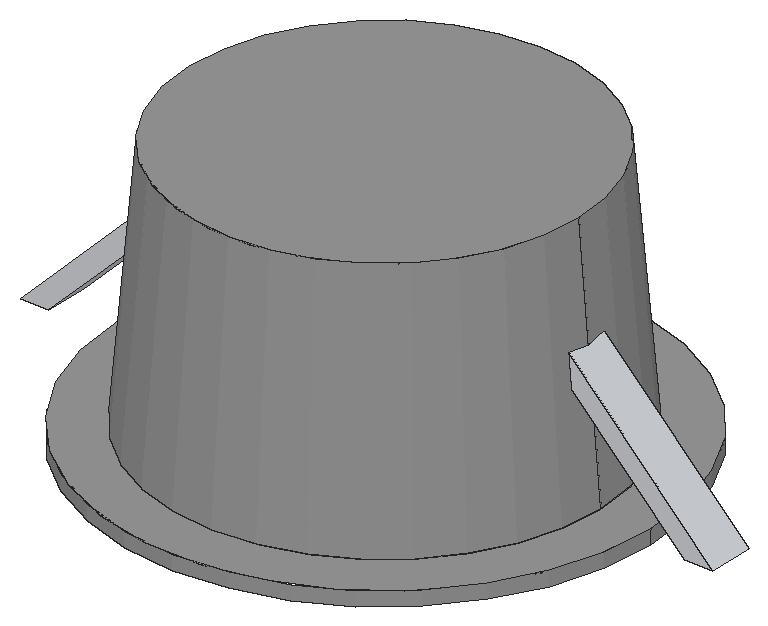
Revit family "MAGELLAN-DOWN_LIGHT_LED_19W_O185+connect_19_4000K", category Lighting Fixtures, host Ceiling, Revit 2021
Family settings
  Host = Ceiling
  Round Connector Dimension = Use Diameter
  Part Type = Normal
  OmniClass Number = 23.80.70.11
  OmniClass Title = Luminaries for Internal Lighting
  Always vertical = Yes
  Cut with Voids When Loaded = No
  Light Source = Yes
  Shared = No
  Room Calculation Point = No
Parameters (values of type "Type 1")
  Wattage = 13.6864 W
  built-in parameter 1150110 = 1 (stored number, unit not read)
  URL = "https://www.lucera.fr/"
  built-in parameter 1114217 = 1 (stored number, unit not read)
  Tilt Angle = 90.00°
  built-in parameter 1150109 = 1 (stored number, unit not read)
  built-in parameter 1150134 = 12
  built-in parameter 1150113 = 1 (stored number, unit not read)
  SDCM = "3"
  Puissance nominale = "19W"
  Photometric Web File = "google_eulumdat_converter.ies"
  Matériau = "Aluminium + PC réflecteur finition chrome"
  Manufacturer = "Lucera - Lucera (c) 06/01/2021 16:40:01 +01:00"  # constant formula
  Maintien du flux = "L80B10 (50 000 heures)"
  Lumens = 2033 lm
  built-in parameter 1150115 = 1 (stored number, unit not read)
  built-in parameter 1150105 = 161.78 (stored number, unit not read)
  built-in parameter 1150137 = (empty or 0)
  built-in parameter 1150139 = (empty or 0)
  built-in parameter 1150112 = 1 (stored number, unit not read)
  built-in parameter 1150114 = 1 (stored number, unit not read)
  Lamp = "LED Hongli 2835"
  built-in parameter 1150132 = 2
  built-in parameter 1150102 = (empty or 0)
  built-in parameter 1150138 = (empty or 0)
  built-in parameter 1150107 = 4000 (stored number, unit not read)
  built-in parameter 1150106 = 1.6178 (stored number, unit not read)
  IRC = ">90"
  built-in parameter 1150104 = 13.8 (stored number, unit not read)
  Durée de vie = "50 000 heures"
  Driver = "Driver Lifud TUV CE RCM CCC"
  Dimming Lamp Color Temperature Shift = <None>
  Dimensions = "Ø 185 mm, H = 93 mm"
  Dimension découpe = "Ø 165 mm"
  Default Elevation = 0 mm
  Couleur = "Blanc"
  Color Filter = 16777215
  built-in parameter 1114218 = 1 (stored number, unit not read)
  built-in parameter 1150133 = 10 (stored number, unit not read)
  Angle d'éclairage = "80°"
  Alimentation luminaire = "25-40V dc / 450mA"
  Alimentation Driver = "AC 220-240V"
Reference planes
  plane 1 "Light Source Axis (F/B)": y = 0
  plane 2: z = 0
  plane 3 "Light Source Axis (L/R)": x = 0
  plane 4 "Ceiling": z = 4000
  plane 5 "Light Source Elevation": z = 3988.263
Forms (mm)
  Extrusion 1, solid, material "Aluminum"
    sketch origin (0, 0, 4000) x (0, 1, 0) y (-1, 0, 0)
      loop
        circle (0, 0) r 92.5
      loop
        circle (0, 0) r 75
    from -5 to 0
  Blend 2, solid, material "Aluminum, gris"
    base sketch origin (0, 0, 4000) x (0, 1, 0) y (-1, 0, 0)
      loop
        circle (0, 0.29) r 75.205
    top sketch origin (0, 0, 4000) x (0, 1, 0) y (-1, 0, 0)
      loop
        circle (0, 0.29) r 67.632
    from 0 to 88
  Extrusion 3, solid, material "Glass, White, High Luminance"
    sketch origin (0, 0, 4000) x (0, 1, 0) y (-1, 0, 0)
      loop
        circle (0, 0) r 74.999
    from -5 to 0
  Extrusion 4, solid
    sketch origin (0, 0, 0) x (1, 0, 0) y (0, 0, 1)
      loop
        line (70, 4040.314) -> (110.314, 4000) -> (120.314, 4000) -> (70, 4050.314) -> (70, 4040.314)
    from -7.541 to 7.745
  Extrusion 5, solid
    sketch origin (-0.58, 0, 0) x (-1, 0, 0) y (0, 0, -1)
      loop
        line (70, -4040.314) -> (70, -4050.314) -> (120.314, -4000) -> (110.314, -4000) -> (70, -4040.314)
    from -7.541 to 7.745
Lines and regions (mm)
  reference lines
    curve 1: line (0, 0, 4000) -> (65, 0, 4000)
    curve 2: line (0, 0, 3995) -> (0, 0, 4063)
    curve 3: line (0, 0, 4000) -> (92.5, 0, 4000)
    curve 4: line (0, 0, 3995) -> (0, 0, 4088)
Dimensions and locks
  equal spacing: host sketch curve, plane 3 "Light Source Axis (L/R)", host sketch curve
  equal spacing: host sketch curve, plane 1 "Light Source Axis (F/B)", host sketch curve
  host sketch curve to host sketch curve = 4000 mm  (x2)
  plane 4 "Ceiling" to host ceiling = 0 mm
  aligned and locked: plane 1 "Light Source Axis (F/B)" to imposter light
  aligned and locked: plane 5 "Light Source Elevation" to imposter light
